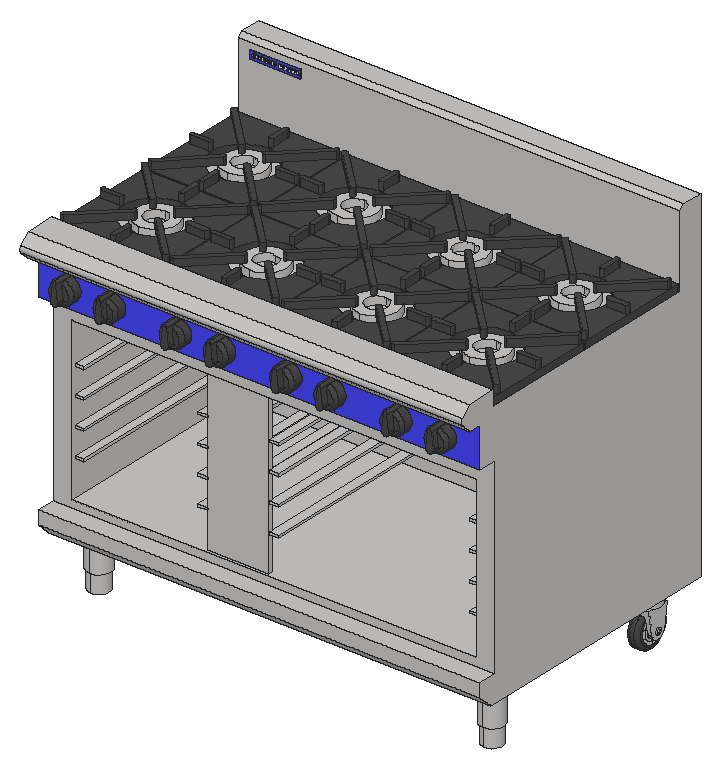
Revit family "QF_MOFFAT_BLUESEAL_CE_G518D-CB", category Specialty Equipment, Revit 2012 (continued)
Definition of nested family "WALDORF LOGO_FACE BASE"
  Forms (mm)
    Extrusion 3, solid, material "QF_Finishes_White", visible <- "Show Logo"
      sketch origin (0, -33.217, 1.588) x (1, 0, 0) y (0, 1, 0)
        loop
          line (31.62, 25.919) -> (31.62, 17.163) -> (43.046, 17.163) -> (43.046, 19.129) -> (37.388, 19.129) -> (37.388, 25.919) -> (31.62, 25.919)
        loop
          line (15.969, 25.919) -> (15.969, 17.163) -> (28.693, 17.163)
          arc (28.693, 17.163) -> (29.812, 17.627) -> (30.276, 18.746) r 1.582
          line (30.276, 18.746) -> (30.276, 20.447) -> (29.48, 21.243) -> (30.276, 22.039) -> (30.276, 24.332)
          arc (30.276, 24.332) -> (29.811, 25.454) -> (28.688, 25.919) r 1.587
          line (28.688, 25.919) -> (15.969, 25.919)
        loop
          line (21.449, 24.159) -> (21.449, 22.436) -> (23.862, 22.436)
          arc (23.862, 22.436) -> (24.723, 23.298) -> (23.862, 24.159) r 0.861
          line (23.862, 24.159) -> (21.449, 24.159)
        loop
          line (21.449, 20.244) -> (21.449, 18.522) -> (23.862, 18.522)
          arc (23.862, 18.522) -> (24.723, 19.383) -> (23.862, 20.244) r 0.861
          line (23.862, 20.244) -> (21.449, 20.244)
      from 0 to 0.2
    Extrusion 4, solid, material "QF_Finishes_Blue", visible <- "Show Logo"
      sketch origin (-126.498, -31.09, 1.588) x (1, 0, 0) y (0, 1, 0)
        loop
          line (136.738, 23.522) -> (136.738, 15.1)
          arc (136.738, 15.1) -> (140.756, 19.311) -> (136.738, 23.522) r 4.216
      from 0 to 0.2
    Extrusion 5, solid, material "QF_Finishes_Red", visible <- "Show Logo"
      sketch origin (146.849, -31.09, 1.588) x (-1, 0, 0) y (0, -1, 0)
        loop
          arc (136.738, -23.522) -> (140.756, -19.311) -> (136.738, -15.1) r 4.216
          line (136.738, -15.1) -> (136.738, -23.522)
      from 0 to 0.2
  Lines and regions (mm)
    Split face 1
      outline origin (-90.35, -30.793, 1.588) x (1, 0, 0) y (0, 1, 0)
        loop
          circle (100.54, 19.013) r 4.536
  Dimensions and locks
    aligned and locked: plane 2 to Extrusion 1
    aligned and locked: level to Extrusion 1
Definition of nested family "GAS BURNER 1200"
  Parameters (values of type "GAS BURNER 1200")
    Width [instance] = 1200.0 mm
    Weight in Pounds = 0
    URL Cutsheet = ""
    Type Mark [instance] = ""
    Status [instance] = ""
    Specification by User [instance] = ""
    Specification by Manufacturer = ""
    Serial Number = ""
    Seismic Rating = ""
    SMACNA No = ""
    Revision Code [instance] = ""
    Omniclass Number and Title = ""
    NAFEM Spec ID Number = ""
    Masterspec = ""
    Item Number [instance] = ""
    Installed By [instance] = ""
    Identify Quantity as Lot [instance] = yes
    Furnished By [instance] = ""
    Foodservice Equipment Identifier [instance] = yes
    Depth [instance] = 635.0 mm
    CSI MasterFormat = ""
    CSI Master Format = ""
  Reference planes
    plane 1 "BACK": y = 0
    plane 2: z = 0
    plane 3 "LEFT": x = 0
    plane 4 "RIGHT": x = 1200
    plane 5 "FRONT": y = -635
    plane 6 "TOP": z = 142.5
    plane 7 "Center Y": x = 600
    plane 8 "Center X": y = -317.5
  Forms (mm)
    Extrusion 1, solid, material "QF_Finishes_Black"
      sketch origin (0, 0, 0) x (0, -1, 0) y (1, 0, 0)
        loop
          line (318.5, 4) -> (318.5, 296)
          arc (318.5, 296) -> (317.621, 298.121) -> (315.5, 299) r 3
          line (315.5, 299) -> (3, 299)
          arc (3, 299) -> (0.879, 298.121) -> (0, 296) r 3
          line (0, 296) -> (0, 4)
          arc (0, 4) -> (0.879, 1.879) -> (3, 1) r 3
          line (3, 1) -> (315.5, 1)
          arc (315.5, 1) -> (317.621, 1.879) -> (318.5, 4) r 3
        loop
          line (324.5, 1) -> (632, 1)
          arc (632, 1) -> (634.121, 1.879) -> (635, 4) r 3
          line (635, 4) -> (635, 296)
          arc (635, 296) -> (634.121, 298.121) -> (632, 299) r 3
          line (632, 299) -> (324.5, 299)
          arc (324.5, 299) -> (322.379, 298.121) -> (321.5, 296) r 3
          line (321.5, 296) -> (321.5, 4)
          arc (321.5, 4) -> (322.379, 1.879) -> (324.5, 1) r 3
        loop
          circle (168.5, 149.991) r 84.082
        loop
          circle (468.5, 149.991) r 84.082
      from 0 to 19.5
    Extrusion 2, solid, material "QF_Finishes_Black"
      sketch origin (0, 0, 19.5) x (0, -1, 0) y (1, 0, 0)
        loop
          spline (326.102, 15.153) -> (325.181, 13.924) -> (324.631, 12.47) -> (324.49, 10.89) -> (324.767, 9.292) -> (325.443, 7.786) -> (326.473, 6.473) -> (327.786, 5.443) -> (329.292, 4.767) -> (330.89, 4.49) -> (332.47, 4.631) -> (333.924, 5.181) -> (335.153, 6.102)
          line (335.153, 6.102) -> (443.076, 114.025)
          spline (443.076, 114.025) -> (443.837, 115.095) -> (444.238, 116.399) -> (444.251, 117.851) -> (443.875, 119.35) -> (443.137, 120.795) -> (442.086, 122.086) -> (440.795, 123.137) -> (439.35, 123.875) -> (437.851, 124.251) -> (436.399, 124.238) -> (435.095, 123.837) -> (434.025, 123.076)
          line (434.025, 123.076) -> (326.102, 15.153)
        loop
          spline (328.898, 156.4) -> (327.604, 156.182) -> (326.398, 155.543) -> (325.362, 154.525) -> (324.568, 153.2) -> (324.068, 151.656) -> (323.898, 150) -> (324.068, 148.344) -> (324.568, 146.8) -> (325.362, 145.475) -> (326.398, 144.457) -> (327.604, 143.818) -> (328.898, 143.6)
          line (328.898, 143.6) -> (378.102, 143.6)
          spline (378.102, 143.6) -> (379.396, 143.818) -> (380.602, 144.457) -> (381.638, 145.475) -> (382.432, 146.8) -> (382.932, 148.344) -> (383.102, 150) -> (382.932, 151.656) -> (382.432, 153.2) -> (381.638, 154.525) -> (380.602, 155.543) -> (379.396, 156.182) -> (378.102, 156.4)
          line (378.102, 156.4) -> (328.898, 156.4)
        loop
          spline (335.153, 293.898) -> (334.084, 294.659) -> (332.779, 295.059) -> (331.328, 295.072) -> (329.829, 294.697) -> (328.384, 293.959) -> (327.092, 292.908) -> (326.041, 291.616) -> (325.303, 290.171) -> (324.928, 288.672) -> (324.941, 287.221) -> (325.341, 285.916) -> (326.102, 284.847)
          line (326.102, 284.847) -> (434.025, 176.924)
          spline (434.025, 176.924) -> (435.095, 176.163) -> (436.399, 175.762) -> (437.851, 175.749) -> (439.35, 176.125) -> (440.795, 176.863) -> (442.086, 177.914) -> (443.137, 179.205) -> (443.875, 180.65) -> (444.251, 182.149) -> (444.238, 183.601) -> (443.837, 184.905) -> (443.076, 185.975)
          line (443.076, 185.975) -> (335.153, 293.898)
        loop
          line (463.6, 291.102) -> (463.6, 241.898)
          spline (463.6, 241.898) -> (463.818, 240.604) -> (464.457, 239.398) -> (465.475, 238.362) -> (466.8, 237.568) -> (468.344, 237.068) -> (470, 236.898) -> (471.656, 237.068) -> (473.2, 237.568) -> (474.525, 238.362) -> (475.543, 239.398) -> (476.182, 240.604) -> (476.4, 241.898)
          line (476.4, 241.898) -> (476.4, 291.102)
          spline (476.4, 291.102) -> (476.182, 292.396) -> (475.543, 293.602) -> (474.525, 294.638) -> (473.2, 295.432) -> (471.656, 295.932) -> (470, 296.102) -> (468.344, 295.932) -> (466.8, 295.432) -> (465.475, 294.638) -> (464.457, 293.602) -> (463.818, 292.396) -> (463.6, 291.102)
        loop
          spline (612.398, 284.847) -> (613.159, 285.916) -> (613.559, 287.221) -> (613.572, 288.672) -> (613.197, 290.171) -> (612.459, 291.616) -> (611.408, 292.908) -> (610.116, 293.959) -> (608.671, 294.697) -> (607.172, 295.072) -> (605.721, 295.059) -> (604.416, 294.659) -> (603.347, 293.898)
          line (603.347, 293.898) -> (496.924, 185.975)
          spline (496.924, 185.975) -> (496.163, 184.905) -> (495.762, 183.601) -> (495.749, 182.149) -> (496.125, 180.65) -> (496.863, 179.205) -> (497.914, 177.914) -> (499.205, 176.863) -> (500.65, 176.125) -> (502.149, 175.749) -> (503.601, 175.762) -> (504.905, 176.163) -> (505.975, 176.924)
          line (505.975, 176.924) -> (612.398, 284.847)
        loop
          spline (609.602, 143.6) -> (610.896, 143.818) -> (612.102, 144.457) -> (613.138, 145.475) -> (613.932, 146.8) -> (614.432, 148.344) -> (614.602, 150) -> (614.432, 151.656) -> (613.932, 153.2) -> (613.138, 154.525) -> (612.102, 155.543) -> (610.896, 156.182) -> (609.602, 156.4)
          line (609.602, 156.4) -> (561.898, 156.4)
          spline (561.898, 156.4) -> (560.604, 156.182) -> (559.398, 155.543) -> (558.362, 154.525) -> (557.568, 153.2) -> (557.068, 151.656) -> (556.898, 150) -> (557.068, 148.344) -> (557.568, 146.8) -> (558.362, 145.475) -> (559.398, 144.457) -> (560.604, 143.818) -> (561.898, 143.6)
          line (561.898, 143.6) -> (609.602, 143.6)
        loop
          line (612.398, 15.153) -> (505.975, 123.076)
          spline (505.975, 123.076) -> (504.905, 123.837) -> (503.601, 124.238) -> (502.149, 124.251) -> (500.65, 123.875) -> (499.205, 123.137) -> (497.914, 122.086) -> (496.863, 120.795) -> (496.125, 119.35) -> (495.749, 117.851) -> (495.762, 116.399) -> (496.163, 115.095) -> (496.924, 114.025)
          line (496.924, 114.025) -> (603.347, 6.102)
          spline (603.347, 6.102) -> (604.416, 5.341) -> (605.721, 4.941) -> (607.172, 4.928) -> (608.671, 5.303) -> (610.116, 6.041) -> (611.408, 7.092) -> (612.459, 8.384) -> (613.197, 9.829) -> (613.572, 11.328) -> (613.559, 12.779) -> (613.159, 14.084) -> (612.398, 15.153)
        loop
          line (476.4, 8.898) -> (476.4, 58.102)
          spline (476.4, 58.102) -> (476.182, 59.396) -> (475.543, 60.602) -> (474.525, 61.638) -> (473.2, 62.432) -> (471.656, 62.932) -> (470, 63.102) -> (468.344, 62.932) -> (466.8, 62.432) -> (465.475, 61.638) -> (464.457, 60.602) -> (463.818, 59.396) -> (463.6, 58.102)
          line (463.6, 58.102) -> (463.6, 8.898)
          spline (463.6, 8.898) -> (463.818, 7.604) -> (464.457, 6.398) -> (465.475, 5.362) -> (466.8, 4.568) -> (468.344, 4.068) -> (470, 3.898) -> (471.656, 4.068) -> (473.2, 4.568) -> (474.525, 5.362) -> (475.543, 6.398) -> (476.182, 7.604) -> (476.4, 8.898)
        loop
          spline (22.602, 15.153) -> (21.681, 13.924) -> (21.131, 12.47) -> (20.99, 10.89) -> (21.267, 9.292) -> (21.943, 7.786) -> (22.973, 6.473) -> (24.286, 5.443) -> (25.792, 4.767) -> (27.39, 4.49) -> (28.97, 4.631) -> (30.424, 5.181) -> (31.653, 6.102)
          line (31.653, 6.102) -> (139.576, 114.025)
          spline (139.576, 114.025) -> (140.337, 115.095) -> (140.738, 116.399) -> (140.751, 117.851) -> (140.375, 119.35) -> (139.637, 120.795) -> (138.586, 122.086) -> (137.295, 123.137) -> (135.85, 123.875) -> (134.351, 124.251) -> (132.899, 124.238) -> (131.595, 123.837) -> (130.525, 123.076)
          line (130.525, 123.076) -> (22.602, 15.153)
        loop
          spline (25.398, 156.4) -> (24.104, 156.182) -> (22.898, 155.543) -> (21.862, 154.525) -> (21.068, 153.2) -> (20.568, 151.656) -> (20.398, 150) -> (20.568, 148.344) -> (21.068, 146.8) -> (21.862, 145.475) -> (22.898, 144.457) -> (24.104, 143.818) -> (25.398, 143.6)
          line (25.398, 143.6) -> (74.602, 143.6)
          spline (74.602, 143.6) -> (75.896, 143.818) -> (77.102, 144.457) -> (78.138, 145.475) -> (78.932, 146.8) -> (79.432, 148.344) -> (79.602, 150) -> (79.432, 151.656) -> (78.932, 153.2) -> (78.138, 154.525) -> (77.102, 155.543) -> (75.896, 156.182) -> (74.602, 156.4)
          line (74.602, 156.4) -> (25.398, 156.4)
        loop
          spline (31.653, 293.898) -> (30.584, 294.659) -> (29.279, 295.059) -> (27.828, 295.072) -> (26.329, 294.697) -> (24.884, 293.959) -> (23.592, 292.908) -> (22.541, 291.616) -> (21.803, 290.171) -> (21.428, 288.672) -> (21.441, 287.221) -> (21.841, 285.916) -> (22.602, 284.847)
          line (22.602, 284.847) -> (130.525, 176.924)
          spline (130.525, 176.924) -> (131.595, 176.163) -> (132.899, 175.762) -> (134.351, 175.749) -> (135.85, 176.125) -> (137.295, 176.863) -> (138.586, 177.914) -> (139.637, 179.205) -> (140.375, 180.65) -> (140.751, 182.149) -> (140.738, 183.601) -> (140.337, 184.905) -> (139.576, 185.975)
          line (139.576, 185.975) -> (31.653, 293.898)
        loop
          line (160.1, 291.102) -> (160.1, 241.898)
          spline (160.1, 241.898) -> (160.318, 240.604) -> (160.957, 239.398) -> (161.975, 238.362) -> (163.3, 237.568) -> (164.844, 237.068) -> (166.5, 236.898) -> (168.156, 237.068) -> (169.7, 237.568) -> (171.025, 238.362) -> (172.043, 239.398) -> (172.682, 240.604) -> (172.9, 241.898)
          line (172.9, 241.898) -> (172.9, 291.102)
          spline (172.9, 291.102) -> (172.682, 292.396) -> (172.043, 293.602) -> (171.025, 294.638) -> (169.7, 295.432) -> (168.156, 295.932) -> (166.5, 296.102) -> (164.844, 295.932) -> (163.3, 295.432) -> (161.975, 294.638) -> (160.957, 293.602) -> (160.318, 292.396) -> (160.1, 291.102)
        loop
          spline (313.898, 284.847) -> (314.659, 285.916) -> (315.059, 287.221) -> (315.072, 288.672) -> (314.697, 290.171) -> (313.959, 291.616) -> (312.908, 292.908) -> (311.616, 293.959) -> (310.171, 294.697) -> (308.672, 295.072) -> (307.221, 295.059) -> (305.916, 294.659) -> (304.847, 293.898)
          line (304.847, 293.898) -> (193.424, 185.975)
          spline (193.424, 185.975) -> (192.663, 184.905) -> (192.262, 183.601) -> (192.249, 182.149) -> (192.625, 180.65) -> (193.363, 179.205) -> (194.414, 177.914) -> (195.705, 176.863) -> (197.15, 176.125) -> (198.649, 175.749) -> (200.101, 175.762) -> (201.405, 176.163) -> (202.475, 176.924)
          line (202.475, 176.924) -> (313.898, 284.847)
        loop
          spline (311.102, 143.6) -> (312.396, 143.818) -> (313.602, 144.457) -> (314.638, 145.475) -> (315.432, 146.8) -> (315.932, 148.344) -> (316.102, 150) -> (315.932, 151.656) -> (315.432, 153.2) -> (314.638, 154.525) -> (313.602, 155.543) -> (312.396, 156.182) -> (311.102, 156.4)
          line (311.102, 156.4) -> (261.898, 156.4)
          spline (261.898, 156.4) -> (260.604, 156.182) -> (259.398, 155.543) -> (258.362, 154.525) -> (257.568, 153.2) -> (257.068, 151.656) -> (256.898, 150) -> (257.068, 148.344) -> (257.568, 146.8) -> (258.362, 145.475) -> (259.398, 144.457) -> (260.604, 143.818) -> (261.898, 143.6)
          line (261.898, 143.6) -> (311.102, 143.6)
        loop
          line (313.898, 15.153) -> (202.475, 123.076)
          spline (202.475, 123.076) -> (201.405, 123.837) -> (200.101, 124.238) -> (198.649, 124.251) -> (197.15, 123.875) -> (195.705, 123.137) -> (194.414, 122.086) -> (193.363, 120.795) -> (192.625, 119.35) -> (192.249, 117.851) -> (192.262, 116.399) -> (192.663, 115.095) -> (193.424, 114.025)
          line (193.424, 114.025) -> (304.847, 6.102)
          spline (304.847, 6.102) -> (305.916, 5.341) -> (307.221, 4.941) -> (308.672, 4.928) -> (310.171, 5.303) -> (311.616, 6.041) -> (312.908, 7.092) -> (313.959, 8.384) -> (314.697, 9.829) -> (315.072, 11.328) -> (315.059, 12.779) -> (314.659, 14.084) -> (313.898, 15.153)
        loop
          line (172.9, 8.898) -> (172.9, 58.102)
          spline (172.9, 58.102) -> (172.682, 59.396) -> (172.043, 60.602) -> (171.025, 61.638) -> (169.7, 62.432) -> (168.156, 62.932) -> (166.5, 63.102) -> (164.844, 62.932) -> (163.3, 62.432) -> (161.975, 61.638) -> (160.957, 60.602) -> (160.318, 59.396) -> (160.1, 58.102)
          line (160.1, 58.102) -> (160.1, 8.898)
          spline (160.1, 8.898) -> (160.318, 7.604) -> (160.957, 6.398) -> (161.975, 5.362) -> (163.3, 4.568) -> (164.844, 4.068) -> (166.5, 3.898) -> (168.156, 4.068) -> (169.7, 4.568) -> (171.025, 5.362) -> (172.043, 6.398) -> (172.682, 7.604) -> (172.9, 8.898)
      from 0 to 20.5
    Extrusion 3, solid, material "QF_Finishes_Stainless Steel"
      sketch origin (0, -15.098, 0) x (0, -1, 0) y (1, 0, 0)
        loop
          circle (151.402, 150) r 57
        loop
          circle (451.402, 150) r 57
        loop
          circle (151.402, 150) r 30
        loop
          circle (451.402, 150) r 30
      from 0 to 20
    Extrusion 4, solid, material "QF_Finishes_Black"
      sketch origin (600, 0, 0) x (0, -1, 0) y (1, 0, 0)
        loop
          arc (318.5, -4) -> (317.621, -1.879) -> (315.5, -1) r 3
          line (315.5, -1) -> (3, -1)
          arc (3, -1) -> (0.879, -1.879) -> (0, -4) r 3
          line (0, -4) -> (0, -296)
          arc (0, -296) -> (0.879, -298.121) -> (3, -299) r 3
          line (3, -299) -> (315.5, -299)
          arc (315.5, -299) -> (317.621, -298.121) -> (318.5, -296) r 3
          line (318.5, -296) -> (318.5, -4)
        loop
          arc (324.5, -1) -> (322.379, -1.879) -> (321.5, -4) r 3
          line (321.5, -4) -> (321.5, -296)
          arc (321.5, -296) -> (322.379, -298.121) -> (324.5, -299) r 3
          line (324.5, -299) -> (632, -299)
          arc (632, -299) -> (634.121, -298.121) -> (635, -296) r 3
          line (635, -296) -> (635, -4)
          arc (635, -4) -> (634.121, -1.879) -> (632, -1) r 3
          line (632, -1) -> (324.5, -1)
        loop
          circle (168.5, -149.991) r 84.082
        loop
          circle (468.5, -149.991) r 84.082
      from 0 to 19.5
    Extrusion 5, solid, material "QF_Finishes_Black"
      sketch origin (600, 0, 19.5) x (0, -1, 0) y (1, 0, 0)
        loop
          line (326.102, -15.153) -> (434.025, -123.076)
          spline (434.025, -123.076) -> (435.095, -123.837) -> (436.399, -124.238) -> (437.851, -124.251) -> (439.35, -123.875) -> (440.795, -123.137) -> (442.086, -122.086) -> (443.137, -120.795) -> (443.875, -119.35) -> (444.251, -117.851) -> (444.238, -116.399) -> (443.837, -115.095) -> (443.076, -114.025)
          line (443.076, -114.025) -> (335.153, -6.102)
          spline (335.153, -6.102) -> (333.924, -5.181) -> (332.47, -4.631) -> (330.89, -4.49) -> (329.292, -4.767) -> (327.786, -5.443) -> (326.473, -6.473) -> (325.443, -7.786) -> (324.767, -9.292) -> (324.49, -10.89) -> (324.631, -12.47) -> (325.181, -13.924) -> (326.102, -15.153)
        loop
          line (328.898, -156.4) -> (378.102, -156.4)
          spline (378.102, -156.4) -> (379.396, -156.182) -> (380.602, -155.543) -> (381.638, -154.525) -> (382.432, -153.2) -> (382.932, -151.656) -> (383.102, -150) -> (382.932, -148.344) -> (382.432, -146.8) -> (381.638, -145.475) -> (380.602, -144.457) -> (379.396, -143.818) -> (378.102, -143.6)
          line (378.102, -143.6) -> (328.898, -143.6)
          spline (328.898, -143.6) -> (327.604, -143.818) -> (326.398, -144.457) -> (325.362, -145.475) -> (324.568, -146.8) -> (324.068, -148.344) -> (323.898, -150) -> (324.068, -151.656) -> (324.568, -153.2) -> (325.362, -154.525) -> (326.398, -155.543) -> (327.604, -156.182) -> (328.898, -156.4)
        loop
          line (335.153, -293.898) -> (443.076, -185.975)
          spline (443.076, -185.975) -> (443.837, -184.905) -> (444.238, -183.601) -> (444.251, -182.149) -> (443.875, -180.65) -> (443.137, -179.205) -> (442.086, -177.914) -> (440.795, -176.863) -> (439.35, -176.125) -> (437.851, -175.749) -> (436.399, -175.762) -> (435.095, -176.163) -> (434.025, -176.924)
          line (434.025, -176.924) -> (326.102, -284.847)
          spline (326.102, -284.847) -> (325.341, -285.916) -> (324.941, -287.221) -> (324.928, -288.672) -> (325.303, -290.171) -> (326.041, -291.616) -> (327.092, -292.908) -> (328.384, -293.959) -> (329.829, -294.697) -> (331.328, -295.072) -> (332.779, -295.059) -> (334.084, -294.659) -> (335.153, -293.898)
        loop
          spline (463.6, -291.102) -> (463.818, -292.396) -> (464.457, -293.602) -> (465.475, -294.638) -> (466.8, -295.432) -> (468.344, -295.932) -> (470, -296.102) -> (471.656, -295.932) -> (473.2, -295.432) -> (474.525, -294.638) -> (475.543, -293.602) -> (476.182, -292.396) -> (476.4, -291.102)
          line (476.4, -291.102) -> (476.4, -241.898)
          spline (476.4, -241.898) -> (476.182, -240.604) -> (475.543, -239.398) -> (474.525, -238.362) -> (473.2, -237.568) -> (471.656, -237.068) -> (470, -236.898) -> (468.344, -237.068) -> (466.8, -237.568) -> (465.475, -238.362) -> (464.457, -239.398) -> (463.818, -240.604) -> (463.6, -241.898)
          line (463.6, -241.898) -> (463.6, -291.102)
        loop
          line (612.398, -284.847) -> (505.975, -176.924)
          spline (505.975, -176.924) -> (504.905, -176.163) -> (503.601, -175.762) -> (502.149, -175.749) -> (500.65, -176.125) -> (499.205, -176.863) -> (497.914, -177.914) -> (496.863, -179.205) -> (496.125, -180.65) -> (495.749, -182.149) -> (495.762, -183.601) -> (496.163, -184.905) -> (496.924, -185.975)
          line (496.924, -185.975) -> (603.347, -293.898)
          spline (603.347, -293.898) -> (604.416, -294.659) -> (605.721, -295.059) -> (607.172, -295.072) -> (608.671, -294.697) -> (610.116, -293.959) -> (611.408, -292.908) -> (612.459, -291.616) -> (613.197, -290.171) -> (613.572, -288.672) -> (613.559, -287.221) -> (613.159, -285.916) -> (612.398, -284.847)
        loop
          line (609.602, -143.6) -> (561.898, -143.6)
          spline (561.898, -143.6) -> (560.604, -143.818) -> (559.398, -144.457) -> (558.362, -145.475) -> (557.568, -146.8) -> (557.068, -148.344) -> (556.898, -150) -> (557.068, -151.656) -> (557.568, -153.2) -> (558.362, -154.525) -> (559.398, -155.543) -> (560.604, -156.182) -> (561.898, -156.4)
          line (561.898, -156.4) -> (609.602, -156.4)
          spline (609.602, -156.4) -> (610.896, -156.182) -> (612.102, -155.543) -> (613.138, -154.525) -> (613.932, -153.2) -> (614.432, -151.656) -> (614.602, -150) -> (614.432, -148.344) -> (613.932, -146.8) -> (613.138, -145.475) -> (612.102, -144.457) -> (610.896, -143.818) -> (609.602, -143.6)
        loop
          spline (612.398, -15.153) -> (613.159, -14.084) -> (613.559, -12.779) -> (613.572, -11.328) -> (613.197, -9.829) -> (612.459, -8.384) -> (611.408, -7.092) -> (610.116, -6.041) -> (608.671, -5.303) -> (607.172, -4.928) -> (605.721, -4.941) -> (604.416, -5.341) -> (603.347, -6.102)
          line (603.347, -6.102) -> (496.924, -114.025)
          spline (496.924, -114.025) -> (496.163, -115.095) -> (495.762, -116.399) -> (495.749, -117.851) -> (496.125, -119.35) -> (496.863, -120.795) -> (497.914, -122.086) -> (499.205, -123.137) -> (500.65, -123.875) -> (502.149, -124.251) -> (503.601, -124.238) -> (504.905, -123.837) -> (505.975, -123.076)
          line (505.975, -123.076) -> (612.398, -15.153)
        loop
          spline (476.4, -8.898) -> (476.182, -7.604) -> (475.543, -6.398) -> (474.525, -5.362) -> (473.2, -4.568) -> (471.656, -4.068) -> (470, -3.898) -> (468.344, -4.068) -> (466.8, -4.568) -> (465.475, -5.362) -> (464.457, -6.398) -> (463.818, -7.604) -> (463.6, -8.898)
          line (463.6, -8.898) -> (463.6, -58.102)
          spline (463.6, -58.102) -> (463.818, -59.396) -> (464.457, -60.602) -> (465.475, -61.638) -> (466.8, -62.432) -> (468.344, -62.932) -> (470, -63.102) -> (471.656, -62.932) -> (473.2, -62.432) -> (474.525, -61.638) -> (475.543, -60.602) -> (476.182, -59.396) -> (476.4, -58.102)
          line (476.4, -58.102) -> (476.4, -8.898)
        loop
          line (22.602, -15.153) -> (130.525, -123.076)
          spline (130.525, -123.076) -> (131.595, -123.837) -> (132.899, -124.238) -> (134.351, -124.251) -> (135.85, -123.875) -> (137.295, -123.137) -> (138.586, -122.086) -> (139.637, -120.795) -> (140.375, -119.35) -> (140.751, -117.851) -> (140.738, -116.399) -> (140.337, -115.095) -> (139.576, -114.025)
          line (139.576, -114.025) -> (31.653, -6.102)
          spline (31.653, -6.102) -> (30.424, -5.181) -> (28.97, -4.631) -> (27.39, -4.49) -> (25.792, -4.767) -> (24.286, -5.443) -> (22.973, -6.473) -> (21.943, -7.786) -> (21.267, -9.292) -> (20.99, -10.89) -> (21.131, -12.47) -> (21.681, -13.924) -> (22.602, -15.153)
        loop
          line (25.398, -156.4) -> (74.602, -156.4)
          spline (74.602, -156.4) -> (75.896, -156.182) -> (77.102, -155.543) -> (78.138, -154.525) -> (78.932, -153.2) -> (79.432, -151.656) -> (79.602, -150) -> (79.432, -148.344) -> (78.932, -146.8) -> (78.138, -145.475) -> (77.102, -144.457) -> (75.896, -143.818) -> (74.602, -143.6)
          line (74.602, -143.6) -> (25.398, -143.6)
          spline (25.398, -143.6) -> (24.104, -143.818) -> (22.898, -144.457) -> (21.862, -145.475) -> (21.068, -146.8) -> (20.568, -148.344) -> (20.398, -150) -> (20.568, -151.656) -> (21.068, -153.2) -> (21.862, -154.525) -> (22.898, -155.543) -> (24.104, -156.182) -> (25.398, -156.4)
        loop
          line (31.653, -293.898) -> (139.576, -185.975)
          spline (139.576, -185.975) -> (140.337, -184.905) -> (140.738, -183.601) -> (140.751, -182.149) -> (140.375, -180.65) -> (139.637, -179.205) -> (138.586, -177.914) -> (137.295, -176.863) -> (135.85, -176.125) -> (134.351, -175.749) -> (132.899, -175.762) -> (131.595, -176.163) -> (130.525, -176.924)
          line (130.525, -176.924) -> (22.602, -284.847)
          spline (22.602, -284.847) -> (21.841, -285.916) -> (21.441, -287.221) -> (21.428, -288.672) -> (21.803, -290.171) -> (22.541, -291.616) -> (23.592, -292.908) -> (24.884, -293.959) -> (26.329, -294.697) -> (27.828, -295.072) -> (29.279, -295.059) -> (30.584, -294.659) -> (31.653, -293.898)
        loop
          spline (160.1, -291.102) -> (160.318, -292.396) -> (160.957, -293.602) -> (161.975, -294.638) -> (163.3, -295.432) -> (164.844, -295.932) -> (166.5, -296.102) -> (168.156, -295.932) -> (169.7, -295.432) -> (171.025, -294.638) -> (172.043, -293.602) -> (172.682, -292.396) -> (172.9, -291.102)
          line (172.9, -291.102) -> (172.9, -241.898)
          spline (172.9, -241.898) -> (172.682, -240.604) -> (172.043, -239.398) -> (171.025, -238.362) -> (169.7, -237.568) -> (168.156, -237.068) -> (166.5, -236.898) -> (164.844, -237.068) -> (163.3, -237.568) -> (161.975, -238.362) -> (160.957, -239.398) -> (160.318, -240.604) -> (160.1, -241.898)
          line (160.1, -241.898) -> (160.1, -291.102)
        loop
          line (313.898, -284.847) -> (202.475, -176.924)
          spline (202.475, -176.924) -> (201.405, -176.163) -> (200.101, -175.762) -> (198.649, -175.749) -> (197.15, -176.125) -> (195.705, -176.863) -> (194.414, -177.914) -> (193.363, -179.205) -> (192.625, -180.65) -> (192.249, -182.149) -> (192.262, -183.601) -> (192.663, -184.905) -> (193.424, -185.975)
          line (193.424, -185.975) -> (304.847, -293.898)
          spline (304.847, -293.898) -> (305.916, -294.659) -> (307.221, -295.059) -> (308.672, -295.072) -> (310.171, -294.697) -> (311.616, -293.959) -> (312.908, -292.908) -> (313.959, -291.616) -> (314.697, -290.171) -> (315.072, -288.672) -> (315.059, -287.221) -> (314.659, -285.916) -> (313.898, -284.847)
        loop
          line (311.102, -143.6) -> (261.898, -143.6)
          spline (261.898, -143.6) -> (260.604, -143.818) -> (259.398, -144.457) -> (258.362, -145.475) -> (257.568, -146.8) -> (257.068, -148.344) -> (256.898, -150) -> (257.068, -151.656) -> (257.568, -153.2) -> (258.362, -154.525) -> (259.398, -155.543) -> (260.604, -156.182) -> (261.898, -156.4)
          line (261.898, -156.4) -> (311.102, -156.4)
          spline (311.102, -156.4) -> (312.396, -156.182) -> (313.602, -155.543) -> (314.638, -154.525) -> (315.432, -153.2) -> (315.932, -151.656) -> (316.102, -150) -> (315.932, -148.344) -> (315.432, -146.8) -> (314.638, -145.475) -> (313.602, -144.457) -> (312.396, -143.818) -> (311.102, -143.6)
        loop
          spline (313.898, -15.153) -> (314.659, -14.084) -> (315.059, -12.779) -> (315.072, -11.328) -> (314.697, -9.829) -> (313.959, -8.384) -> (312.908, -7.092) -> (311.616, -6.041) -> (310.171, -5.303) -> (308.672, -4.928) -> (307.221, -4.941) -> (305.916, -5.341) -> (304.847, -6.102)
          line (304.847, -6.102) -> (193.424, -114.025)
          spline (193.424, -114.025) -> (192.663, -115.095) -> (192.262, -116.399) -> (192.249, -117.851) -> (192.625, -119.35) -> (193.363, -120.795) -> (194.414, -122.086) -> (195.705, -123.137) -> (197.15, -123.875) -> (198.649, -124.251) -> (200.101, -124.238) -> (201.405, -123.837) -> (202.475, -123.076)
          line (202.475, -123.076) -> (313.898, -15.153)
        loop
          spline (172.9, -8.898) -> (172.682, -7.604) -> (172.043, -6.398) -> (171.025, -5.362) -> (169.7, -4.568) -> (168.156, -4.068) -> (166.5, -3.898) -> (164.844, -4.068) -> (163.3, -4.568) -> (161.975, -5.362) -> (160.957, -6.398) -> (160.318, -7.604) -> (160.1, -8.898)
          line (160.1, -8.898) -> (160.1, -58.102)
          spline (160.1, -58.102) -> (160.318, -59.396) -> (160.957, -60.602) -> (161.975, -61.638) -> (163.3, -62.432) -> (164.844, -62.932) -> (166.5, -63.102) -> (168.156, -62.932) -> (169.7, -62.432) -> (171.025, -61.638) -> (172.043, -60.602) -> (172.682, -59.396) -> (172.9, -58.102)
          line (172.9, -58.102) -> (172.9, -8.898)
      from 0 to 20.5
    Extrusion 6, solid, material "QF_Finishes_Stainless Steel"
      sketch origin (600, -15.098, 0) x (0, -1, 0) y (1, 0, 0)
        loop
          circle (151.402, -150) r 57
        loop
          circle (451.402, -150) r 57
        loop
          circle (151.402, -150) r 30
        loop
          circle (451.402, -150) r 30
      from 0 to 20
    Extrusion 7, solid, material "QF_Finishes_Black"
      sketch origin (901, 0, 19.5) x (0, -1, 0) y (1, 0, 0)
        loop
          line (326.102, -15.153) -> (434.025, -123.076)
          spline (434.025, -123.076) -> (435.095, -123.837) -> (436.399, -124.238) -> (437.851, -124.251) -> (439.35, -123.875) -> (440.795, -123.137) -> (442.086, -122.086) -> (443.137, -120.795) -> (443.875, -119.35) -> (444.251, -117.851) -> (444.238, -116.399) -> (443.837, -115.095) -> (443.076, -114.025)
          line (443.076, -114.025) -> (335.153, -6.102)
          spline (335.153, -6.102) -> (333.924, -5.181) -> (332.47, -4.631) -> (330.89, -4.49) -> (329.292, -4.767) -> (327.786, -5.443) -> (326.473, -6.473) -> (325.443, -7.786) -> (324.767, -9.292) -> (324.49, -10.89) -> (324.631, -12.47) -> (325.181, -13.924) -> (326.102, -15.153)
        loop
          line (328.898, -156.4) -> (378.102, -156.4)
          spline (378.102, -156.4) -> (379.396, -156.182) -> (380.602, -155.543) -> (381.638, -154.525) -> (382.432, -153.2) -> (382.932, -151.656) -> (383.102, -150) -> (382.932, -148.344) -> (382.432, -146.8) -> (381.638, -145.475) -> (380.602, -144.457) -> (379.396, -143.818) -> (378.102, -143.6)
          line (378.102, -143.6) -> (328.898, -143.6)
          spline (328.898, -143.6) -> (327.604, -143.818) -> (326.398, -144.457) -> (325.362, -145.475) -> (324.568, -146.8) -> (324.068, -148.344) -> (323.898, -150) -> (324.068, -151.656) -> (324.568, -153.2) -> (325.362, -154.525) -> (326.398, -155.543) -> (327.604, -156.182) -> (328.898, -156.4)
        loop
          line (335.153, -293.898) -> (443.076, -185.975)
          spline (443.076, -185.975) -> (443.837, -184.905) -> (444.238, -183.601) -> (444.251, -182.149) -> (443.875, -180.65) -> (443.137, -179.205) -> (442.086, -177.914) -> (440.795, -176.863) -> (439.35, -176.125) -> (437.851, -175.749) -> (436.399, -175.762) -> (435.095, -176.163) -> (434.025, -176.924)
          line (434.025, -176.924) -> (326.102, -284.847)
          spline (326.102, -284.847) -> (325.341, -285.916) -> (324.941, -287.221) -> (324.928, -288.672) -> (325.303, -290.171) -> (326.041, -291.616) -> (327.092, -292.908) -> (328.384, -293.959) -> (329.829, -294.697) -> (331.328, -295.072) -> (332.779, -295.059) -> (334.084, -294.659) -> (335.153, -293.898)
        loop
          spline (463.6, -291.102) -> (463.818, -292.396) -> (464.457, -293.602) -> (465.475, -294.638) -> (466.8, -295.432) -> (468.344, -295.932) -> (470, -296.102) -> (471.656, -295.932) -> (473.2, -295.432) -> (474.525, -294.638) -> (475.543, -293.602) -> (476.182, -292.396) -> (476.4, -291.102)
          line (476.4, -291.102) -> (476.4, -241.898)
          spline (476.4, -241.898) -> (476.182, -240.604) -> (475.543, -239.398) -> (474.525, -238.362) -> (473.2, -237.568) -> (471.656, -237.068) -> (470, -236.898) -> (468.344, -237.068) -> (466.8, -237.568) -> (465.475, -238.362) -> (464.457, -239.398) -> (463.818, -240.604) -> (463.6, -241.898)
          line (463.6, -241.898) -> (463.6, -291.102)
        loop
          line (612.398, -284.847) -> (505.975, -176.924)
          spline (505.975, -176.924) -> (504.905, -176.163) -> (503.601, -175.762) -> (502.149, -175.749) -> (500.65, -176.125) -> (499.205, -176.863) -> (497.914, -177.914) -> (496.863, -179.205) -> (496.125, -180.65) -> (495.749, -182.149) -> (495.762, -183.601) -> (496.163, -184.905) -> (496.924, -185.975)
          line (496.924, -185.975) -> (603.347, -293.898)
          spline (603.347, -293.898) -> (604.416, -294.659) -> (605.721, -295.059) -> (607.172, -295.072) -> (608.671, -294.697) -> (610.116, -293.959) -> (611.408, -292.908) -> (612.459, -291.616) -> (613.197, -290.171) -> (613.572, -288.672) -> (613.559, -287.221) -> (613.159, -285.916) -> (612.398, -284.847)
        loop
          line (609.602, -143.6) -> (561.898, -143.6)
          spline (561.898, -143.6) -> (560.604, -143.818) -> (559.398, -144.457) -> (558.362, -145.475) -> (557.568, -146.8) -> (557.068, -148.344) -> (556.898, -150) -> (557.068, -151.656) -> (557.568, -153.2) -> (558.362, -154.525) -> (559.398, -155.543) -> (560.604, -156.182) -> (561.898, -156.4)
          line (561.898, -156.4) -> (609.602, -156.4)
          spline (609.602, -156.4) -> (610.896, -156.182) -> (612.102, -155.543) -> (613.138, -154.525) -> (613.932, -153.2) -> (614.432, -151.656) -> (614.602, -150) -> (614.432, -148.344) -> (613.932, -146.8) -> (613.138, -145.475) -> (612.102, -144.457) -> (610.896, -143.818) -> (609.602, -143.6)
        loop
          spline (612.398, -15.153) -> (613.159, -14.084) -> (613.559, -12.779) -> (613.572, -11.328) -> (613.197, -9.829) -> (612.459, -8.384) -> (611.408, -7.092) -> (610.116, -6.041) -> (608.671, -5.303) -> (607.172, -4.928) -> (605.721, -4.941) -> (604.416, -5.341) -> (603.347, -6.102)
          line (603.347, -6.102) -> (496.924, -114.025)
          spline (496.924, -114.025) -> (496.163, -115.095) -> (495.762, -116.399) -> (495.749, -117.851) -> (496.125, -119.35) -> (496.863, -120.795) -> (497.914, -122.086) -> (499.205, -123.137) -> (500.65, -123.875) -> (502.149, -124.251) -> (503.601, -124.238) -> (504.905, -123.837) -> (505.975, -123.076)
          line (505.975, -123.076) -> (612.398, -15.153)
        loop
          spline (476.4, -8.898) -> (476.182, -7.604) -> (475.543, -6.398) -> (474.525, -5.362) -> (473.2, -4.568) -> (471.656, -4.068) -> (470, -3.898) -> (468.344, -4.068) -> (466.8, -4.568) -> (465.475, -5.362) -> (464.457, -6.398) -> (463.818, -7.604) -> (463.6, -8.898)
          line (463.6, -8.898) -> (463.6, -58.102)
          spline (463.6, -58.102) -> (463.818, -59.396) -> (464.457, -60.602) -> (465.475, -61.638) -> (466.8, -62.432) -> (468.344, -62.932) -> (470, -63.102) -> (471.656, -62.932) -> (473.2, -62.432) -> (474.525, -61.638) -> (475.543, -60.602) -> (476.182, -59.396) -> (476.4, -58.102)
          line (476.4, -58.102) -> (476.4, -8.898)
        loop
          line (22.602, -15.153) -> (130.525, -123.076)
          spline (130.525, -123.076) -> (131.595, -123.837) -> (132.899, -124.238) -> (134.351, -124.251) -> (135.85, -123.875) -> (137.295, -123.137) -> (138.586, -122.086) -> (139.637, -120.795) -> (140.375, -119.35) -> (140.751, -117.851) -> (140.738, -116.399) -> (140.337, -115.095) -> (139.576, -114.025)
          line (139.576, -114.025) -> (31.653, -6.102)
          spline (31.653, -6.102) -> (30.424, -5.181) -> (28.97, -4.631) -> (27.39, -4.49) -> (25.792, -4.767) -> (24.286, -5.443) -> (22.973, -6.473) -> (21.943, -7.786) -> (21.267, -9.292) -> (20.99, -10.89) -> (21.131, -12.47) -> (21.681, -13.924) -> (22.602, -15.153)
        loop
          line (25.398, -156.4) -> (74.602, -156.4)
          spline (74.602, -156.4) -> (75.896, -156.182) -> (77.102, -155.543) -> (78.138, -154.525) -> (78.932, -153.2) -> (79.432, -151.656) -> (79.602, -150) -> (79.432, -148.344) -> (78.932, -146.8) -> (78.138, -145.475) -> (77.102, -144.457) -> (75.896, -143.818) -> (74.602, -143.6)
          line (74.602, -143.6) -> (25.398, -143.6)
          spline (25.398, -143.6) -> (24.104, -143.818) -> (22.898, -144.457) -> (21.862, -145.475) -> (21.068, -146.8) -> (20.568, -148.344) -> (20.398, -150) -> (20.568, -151.656) -> (21.068, -153.2) -> (21.862, -154.525) -> (22.898, -155.543) -> (24.104, -156.182) -> (25.398, -156.4)
        loop
          line (31.653, -293.898) -> (139.576, -185.975)
          spline (139.576, -185.975) -> (140.337, -184.905) -> (140.738, -183.601) -> (140.751, -182.149) -> (140.375, -180.65) -> (139.637, -179.205) -> (138.586, -177.914) -> (137.295, -176.863) -> (135.85, -176.125) -> (134.351, -175.749) -> (132.899, -175.762) -> (131.595, -176.163) -> (130.525, -176.924)
          line (130.525, -176.924) -> (22.602, -284.847)
          spline (22.602, -284.847) -> (21.841, -285.916) -> (21.441, -287.221) -> (21.428, -288.672) -> (21.803, -290.171) -> (22.541, -291.616) -> (23.592, -292.908) -> (24.884, -293.959) -> (26.329, -294.697) -> (27.828, -295.072) -> (29.279, -295.059) -> (30.584, -294.659) -> (31.653, -293.898)
        loop
          spline (160.1, -291.102) -> (160.318, -292.396) -> (160.957, -293.602) -> (161.975, -294.638) -> (163.3, -295.432) -> (164.844, -295.932) -> (166.5, -296.102) -> (168.156, -295.932) -> (169.7, -295.432) -> (171.025, -294.638) -> (172.043, -293.602) -> (172.682, -292.396) -> (172.9, -291.102)
          line (172.9, -291.102) -> (172.9, -241.898)
          spline (172.9, -241.898) -> (172.682, -240.604) -> (172.043, -239.398) -> (171.025, -238.362) -> (169.7, -237.568) -> (168.156, -237.068) -> (166.5, -236.898) -> (164.844, -237.068) -> (163.3, -237.568) -> (161.975, -238.362) -> (160.957, -239.398) -> (160.318, -240.604) -> (160.1, -241.898)
          line (160.1, -241.898) -> (160.1, -291.102)
        loop
          line (313.898, -284.847) -> (202.475, -176.924)
          spline (202.475, -176.924) -> (201.405, -176.163) -> (200.101, -175.762) -> (198.649, -175.749) -> (197.15, -176.125) -> (195.705, -176.863) -> (194.414, -177.914) -> (193.363, -179.205) -> (192.625, -180.65) -> (192.249, -182.149) -> (192.262, -183.601) -> (192.663, -184.905) -> (193.424, -185.975)
          line (193.424, -185.975) -> (304.847, -293.898)
          spline (304.847, -293.898) -> (305.916, -294.659) -> (307.221, -295.059) -> (308.672, -295.072) -> (310.171, -294.697) -> (311.616, -293.959) -> (312.908, -292.908) -> (313.959, -291.616) -> (314.697, -290.171) -> (315.072, -288.672) -> (315.059, -287.221) -> (314.659, -285.916) -> (313.898, -284.847)
        loop
          line (311.102, -143.6) -> (261.898, -143.6)
          spline (261.898, -143.6) -> (260.604, -143.818) -> (259.398, -144.457) -> (258.362, -145.475) -> (257.568, -146.8) -> (257.068, -148.344) -> (256.898, -150) -> (257.068, -151.656) -> (257.568, -153.2) -> (258.362, -154.525) -> (259.398, -155.543) -> (260.604, -156.182) -> (261.898, -156.4)
          line (261.898, -156.4) -> (311.102, -156.4)
          spline (311.102, -156.4) -> (312.396, -156.182) -> (313.602, -155.543) -> (314.638, -154.525) -> (315.432, -153.2) -> (315.932, -151.656) -> (316.102, -150) -> (315.932, -148.344) -> (315.432, -146.8) -> (314.638, -145.475) -> (313.602, -144.457) -> (312.396, -143.818) -> (311.102, -143.6)
        loop
          spline (313.898, -15.153) -> (314.659, -14.084) -> (315.059, -12.779) -> (315.072, -11.328) -> (314.697, -9.829) -> (313.959, -8.384) -> (312.908, -7.092) -> (311.616, -6.041) -> (310.171, -5.303) -> (308.672, -4.928) -> (307.221, -4.941) -> (305.916, -5.341) -> (304.847, -6.102)
          line (304.847, -6.102) -> (193.424, -114.025)
          spline (193.424, -114.025) -> (192.663, -115.095) -> (192.262, -116.399) -> (192.249, -117.851) -> (192.625, -119.35) -> (193.363, -120.795) -> (194.414, -122.086) -> (195.705, -123.137) -> (197.15, -123.875) -> (198.649, -124.251) -> (200.101, -124.238) -> (201.405, -123.837) -> (202.475, -123.076)
          line (202.475, -123.076) -> (313.898, -15.153)
        loop
          spline (172.9, -8.898) -> (172.682, -7.604) -> (172.043, -6.398) -> (171.025, -5.362) -> (169.7, -4.568) -> (168.156, -4.068) -> (166.5, -3.898) -> (164.844, -4.068) -> (163.3, -4.568) -> (161.975, -5.362) -> (160.957, -6.398) -> (160.318, -7.604) -> (160.1, -8.898)
          line (160.1, -8.898) -> (160.1, -58.102)
          spline (160.1, -58.102) -> (160.318, -59.396) -> (160.957, -60.602) -> (161.975, -61.638) -> (163.3, -62.432) -> (164.844, -62.932) -> (166.5, -63.102) -> (168.156, -62.932) -> (169.7, -62.432) -> (171.025, -61.638) -> (172.043, -60.602) -> (172.682, -59.396) -> (172.9, -58.102)
          line (172.9, -58.102) -> (172.9, -8.898)
      from 0 to 20.5
    Extrusion 8, solid, material "QF_Finishes_Stainless Steel"
      sketch origin (901, -15.098, 0) x (0, -1, 0) y (1, 0, 0)
        loop
          circle (151.402, -150) r 57
        loop
          circle (451.402, -150) r 57
        loop
          circle (151.402, -150) r 30
        loop
          circle (451.402, -150) r 30
      from 0 to 20
    Extrusion 9, solid, material "QF_Finishes_Black"
      sketch origin (901, 0, 0) x (0, -1, 0) y (1, 0, 0)
        loop
          arc (318.5, -4) -> (317.621, -1.879) -> (315.5, -1) r 3
          line (315.5, -1) -> (3, -1)
          arc (3, -1) -> (0.879, -1.879) -> (0, -4) r 3
          line (0, -4) -> (0, -296)
          arc (0, -296) -> (0.879, -298.121) -> (3, -299) r 3
          line (3, -299) -> (315.5, -299)
          arc (315.5, -299) -> (317.621, -298.121) -> (318.5, -296) r 3
          line (318.5, -296) -> (318.5, -4)
        loop
          arc (324.5, -1) -> (322.379, -1.879) -> (321.5, -4) r 3
          line (321.5, -4) -> (321.5, -296)
          arc (321.5, -296) -> (322.379, -298.121) -> (324.5, -299) r 3
          line (324.5, -299) -> (632, -299)
          arc (632, -299) -> (634.121, -298.121) -> (635, -296) r 3
          line (635, -296) -> (635, -4)
          arc (635, -4) -> (634.121, -1.879) -> (632, -1) r 3
          line (632, -1) -> (324.5, -1)
        loop
          circle (168.5, -149.991) r 84.082
        loop
          circle (468.5, -149.991) r 84.082
      from 0 to 19.5
    Extrusion 10, solid, material "QF_Finishes_Stainless Steel"
      sketch origin (901, -15.098, 0) x (0, -1, 0) y (1, 0, 0)
        loop
          circle (151.402, -150) r 57
        loop
          circle (451.402, -150) r 57
        loop
          circle (151.402, -150) r 30
        loop
          circle (451.402, -150) r 30
      from 0 to 20
    Extrusion 11, solid, material "QF_Finishes_Black"
      sketch origin (1200, 0, 0) x (0, -1, 0) y (1, 0, 0)
        loop
          arc (318.5, -4) -> (317.621, -1.879) -> (315.5, -1) r 3
          line (315.5, -1) -> (3, -1)
          arc (3, -1) -> (0.879, -1.879) -> (0, -4) r 3
          line (0, -4) -> (0, -296)
          arc (0, -296) -> (0.879, -298.121) -> (3, -299) r 3
          line (3, -299) -> (315.5, -299)
          arc (315.5, -299) -> (317.621, -298.121) -> (318.5, -296) r 3
          line (318.5, -296) -> (318.5, -4)
        loop
          arc (324.5, -1) -> (322.379, -1.879) -> (321.5, -4) r 3
          line (321.5, -4) -> (321.5, -296)
          arc (321.5, -296) -> (322.379, -298.121) -> (324.5, -299) r 3
          line (324.5, -299) -> (632, -299)
          arc (632, -299) -> (634.121, -298.121) -> (635, -296) r 3
          line (635, -296) -> (635, -4)
          arc (635, -4) -> (634.121, -1.879) -> (632, -1) r 3
          line (632, -1) -> (324.5, -1)
        loop
          circle (168.5, -149.991) r 84.082
        loop
          circle (468.5, -149.991) r 84.082
      from 0 to 19.5
    Extrusion 12, solid, material "QF_Finishes_Black"
      sketch origin (1200, 0, 19.5) x (0, -1, 0) y (1, 0, 0)
        loop
          line (326.102, -15.153) -> (434.025, -123.076)
          spline (434.025, -123.076) -> (435.095, -123.837) -> (436.399, -124.238) -> (437.851, -124.251) -> (439.35, -123.875) -> (440.795, -123.137) -> (442.086, -122.086) -> (443.137, -120.795) -> (443.875, -119.35) -> (444.251, -117.851) -> (444.238, -116.399) -> (443.837, -115.095) -> (443.076, -114.025)
          line (443.076, -114.025) -> (335.153, -6.102)
          spline (335.153, -6.102) -> (333.924, -5.181) -> (332.47, -4.631) -> (330.89, -4.49) -> (329.292, -4.767) -> (327.786, -5.443) -> (326.473, -6.473) -> (325.443, -7.786) -> (324.767, -9.292) -> (324.49, -10.89) -> (324.631, -12.47) -> (325.181, -13.924) -> (326.102, -15.153)
        loop
          line (328.898, -156.4) -> (378.102, -156.4)
          spline (378.102, -156.4) -> (379.396, -156.182) -> (380.602, -155.543) -> (381.638, -154.525) -> (382.432, -153.2) -> (382.932, -151.656) -> (383.102, -150) -> (382.932, -148.344) -> (382.432, -146.8) -> (381.638, -145.475) -> (380.602, -144.457) -> (379.396, -143.818) -> (378.102, -143.6)
          line (378.102, -143.6) -> (328.898, -143.6)
          spline (328.898, -143.6) -> (327.604, -143.818) -> (326.398, -144.457) -> (325.362, -145.475) -> (324.568, -146.8) -> (324.068, -148.344) -> (323.898, -150) -> (324.068, -151.656) -> (324.568, -153.2) -> (325.362, -154.525) -> (326.398, -155.543) -> (327.604, -156.182) -> (328.898, -156.4)
        loop
          line (335.153, -293.898) -> (443.076, -185.975)
          spline (443.076, -185.975) -> (443.837, -184.905) -> (444.238, -183.601) -> (444.251, -182.149) -> (443.875, -180.65) -> (443.137, -179.205) -> (442.086, -177.914) -> (440.795, -176.863) -> (439.35, -176.125) -> (437.851, -175.749) -> (436.399, -175.762) -> (435.095, -176.163) -> (434.025, -176.924)
          line (434.025, -176.924) -> (326.102, -284.847)
          spline (326.102, -284.847) -> (325.341, -285.916) -> (324.941, -287.221) -> (324.928, -288.672) -> (325.303, -290.171) -> (326.041, -291.616) -> (327.092, -292.908) -> (328.384, -293.959) -> (329.829, -294.697) -> (331.328, -295.072) -> (332.779, -295.059) -> (334.084, -294.659) -> (335.153, -293.898)
        loop
          spline (463.6, -291.102) -> (463.818, -292.396) -> (464.457, -293.602) -> (465.475, -294.638) -> (466.8, -295.432) -> (468.344, -295.932) -> (470, -296.102) -> (471.656, -295.932) -> (473.2, -295.432) -> (474.525, -294.638) -> (475.543, -293.602) -> (476.182, -292.396) -> (476.4, -291.102)
          line (476.4, -291.102) -> (476.4, -241.898)
          spline (476.4, -241.898) -> (476.182, -240.604) -> (475.543, -239.398) -> (474.525, -238.362) -> (473.2, -237.568) -> (471.656, -237.068) -> (470, -236.898) -> (468.344, -237.068) -> (466.8, -237.568) -> (465.475, -238.362) -> (464.457, -239.398) -> (463.818, -240.604) -> (463.6, -241.898)
          line (463.6, -241.898) -> (463.6, -291.102)
        loop
          line (612.398, -284.847) -> (505.975, -176.924)
          spline (505.975, -176.924) -> (504.905, -176.163) -> (503.601, -175.762) -> (502.149, -175.749) -> (500.65, -176.125) -> (499.205, -176.863) -> (497.914, -177.914) -> (496.863, -179.205) -> (496.125, -180.65) -> (495.749, -182.149) -> (495.762, -183.601) -> (496.163, -184.905) -> (496.924, -185.975)
          line (496.924, -185.975) -> (603.347, -293.898)
          spline (603.347, -293.898) -> (604.416, -294.659) -> (605.721, -295.059) -> (607.172, -295.072) -> (608.671, -294.697) -> (610.116, -293.959) -> (611.408, -292.908) -> (612.459, -291.616) -> (613.197, -290.171) -> (613.572, -288.672) -> (613.559, -287.221) -> (613.159, -285.916) -> (612.398, -284.847)
        loop
          line (609.602, -143.6) -> (561.898, -143.6)
          spline (561.898, -143.6) -> (560.604, -143.818) -> (559.398, -144.457) -> (558.362, -145.475) -> (557.568, -146.8) -> (557.068, -148.344) -> (556.898, -150) -> (557.068, -151.656) -> (557.568, -153.2) -> (558.362, -154.525) -> (559.398, -155.543) -> (560.604, -156.182) -> (561.898, -156.4)
          line (561.898, -156.4) -> (609.602, -156.4)
          spline (609.602, -156.4) -> (610.896, -156.182) -> (612.102, -155.543) -> (613.138, -154.525) -> (613.932, -153.2) -> (614.432, -151.656) -> (614.602, -150) -> (614.432, -148.344) -> (613.932, -146.8) -> (613.138, -145.475) -> (612.102, -144.457) -> (610.896, -143.818) -> (609.602, -143.6)
        loop
          spline (612.398, -15.153) -> (613.159, -14.084) -> (613.559, -12.779) -> (613.572, -11.328) -> (613.197, -9.829) -> (612.459, -8.384) -> (611.408, -7.092) -> (610.116, -6.041) -> (608.671, -5.303) -> (607.172, -4.928) -> (605.721, -4.941) -> (604.416, -5.341) -> (603.347, -6.102)
          line (603.347, -6.102) -> (496.924, -114.025)
          spline (496.924, -114.025) -> (496.163, -115.095) -> (495.762, -116.399) -> (495.749, -117.851) -> (496.125, -119.35) -> (496.863, -120.795) -> (497.914, -122.086) -> (499.205, -123.137) -> (500.65, -123.875) -> (502.149, -124.251) -> (503.601, -124.238) -> (504.905, -123.837) -> (505.975, -123.076)
          line (505.975, -123.076) -> (612.398, -15.153)
        loop
          spline (476.4, -8.898) -> (476.182, -7.604) -> (475.543, -6.398) -> (474.525, -5.362) -> (473.2, -4.568) -> (471.656, -4.068) -> (470, -3.898) -> (468.344, -4.068) -> (466.8, -4.568) -> (465.475, -5.362) -> (464.457, -6.398) -> (463.818, -7.604) -> (463.6, -8.898)
          line (463.6, -8.898) -> (463.6, -58.102)
          spline (463.6, -58.102) -> (463.818, -59.396) -> (464.457, -60.602) -> (465.475, -61.638) -> (466.8, -62.432) -> (468.344, -62.932) -> (470, -63.102) -> (471.656, -62.932) -> (473.2, -62.432) -> (474.525, -61.638) -> (475.543, -60.602) -> (476.182, -59.396) -> (476.4, -58.102)
          line (476.4, -58.102) -> (476.4, -8.898)
        loop
          line (22.602, -15.153) -> (130.525, -123.076)
          spline (130.525, -123.076) -> (131.595, -123.837) -> (132.899, -124.238) -> (134.351, -124.251) -> (135.85, -123.875) -> (137.295, -123.137) -> (138.586, -122.086) -> (139.637, -120.795) -> (140.375, -119.35) -> (140.751, -117.851) -> (140.738, -116.399) -> (140.337, -115.095) -> (139.576, -114.025)
          line (139.576, -114.025) -> (31.653, -6.102)
          spline (31.653, -6.102) -> (30.424, -5.181) -> (28.97, -4.631) -> (27.39, -4.49) -> (25.792, -4.767) -> (24.286, -5.443) -> (22.973, -6.473) -> (21.943, -7.786) -> (21.267, -9.292) -> (20.99, -10.89) -> (21.131, -12.47) -> (21.681, -13.924) -> (22.602, -15.153)
        loop
          line (25.398, -156.4) -> (74.602, -156.4)
          spline (74.602, -156.4) -> (75.896, -156.182) -> (77.102, -155.543) -> (78.138, -154.525) -> (78.932, -153.2) -> (79.432, -151.656) -> (79.602, -150) -> (79.432, -148.344) -> (78.932, -146.8) -> (78.138, -145.475) -> (77.102, -144.457) -> (75.896, -143.818) -> (74.602, -143.6)
          line (74.602, -143.6) -> (25.398, -143.6)
          spline (25.398, -143.6) -> (24.104, -143.818) -> (22.898, -144.457) -> (21.862, -145.475) -> (21.068, -146.8) -> (20.568, -148.344) -> (20.398, -150) -> (20.568, -151.656) -> (21.068, -153.2) -> (21.862, -154.525) -> (22.898, -155.543) -> (24.104, -156.182) -> (25.398, -156.4)
        loop
          line (31.653, -293.898) -> (139.576, -185.975)
          spline (139.576, -185.975) -> (140.337, -184.905) -> (140.738, -183.601) -> (140.751, -182.149) -> (140.375, -180.65) -> (139.637, -179.205) -> (138.586, -177.914) -> (137.295, -176.863) -> (135.85, -176.125) -> (134.351, -175.749) -> (132.899, -175.762) -> (131.595, -176.163) -> (130.525, -176.924)
          line (130.525, -176.924) -> (22.602, -284.847)
          spline (22.602, -284.847) -> (21.841, -285.916) -> (21.441, -287.221) -> (21.428, -288.672) -> (21.803, -290.171) -> (22.541, -291.616) -> (23.592, -292.908) -> (24.884, -293.959) -> (26.329, -294.697) -> (27.828, -295.072) -> (29.279, -295.059) -> (30.584, -294.659) -> (31.653, -293.898)
        loop
          spline (160.1, -291.102) -> (160.318, -292.396) -> (160.957, -293.602) -> (161.975, -294.638) -> (163.3, -295.432) -> (164.844, -295.932) -> (166.5, -296.102) -> (168.156, -295.932) -> (169.7, -295.432) -> (171.025, -294.638) -> (172.043, -293.602) -> (172.682, -292.396) -> (172.9, -291.102)
          line (172.9, -291.102) -> (172.9, -241.898)
          spline (172.9, -241.898) -> (172.682, -240.604) -> (172.043, -239.398) -> (171.025, -238.362) -> (169.7, -237.568) -> (168.156, -237.068) -> (166.5, -236.898) -> (164.844, -237.068) -> (163.3, -237.568) -> (161.975, -238.362) -> (160.957, -239.398) -> (160.318, -240.604) -> (160.1, -241.898)
          line (160.1, -241.898) -> (160.1, -291.102)
        loop
          line (313.898, -284.847) -> (202.475, -176.924)
          spline (202.475, -176.924) -> (201.405, -176.163) -> (200.101, -175.762) -> (198.649, -175.749) -> (197.15, -176.125) -> (195.705, -176.863) -> (194.414, -177.914) -> (193.363, -179.205) -> (192.625, -180.65) -> (192.249, -182.149) -> (192.262, -183.601) -> (192.663, -184.905) -> (193.424, -185.975)
          line (193.424, -185.975) -> (304.847, -293.898)
          spline (304.847, -293.898) -> (305.916, -294.659) -> (307.221, -295.059) -> (308.672, -295.072) -> (310.171, -294.697) -> (311.616, -293.959) -> (312.908, -292.908) -> (313.959, -291.616) -> (314.697, -290.171) -> (315.072, -288.672) -> (315.059, -287.221) -> (314.659, -285.916) -> (313.898, -284.847)
        loop
          line (311.102, -143.6) -> (261.898, -143.6)
          spline (261.898, -143.6) -> (260.604, -143.818) -> (259.398, -144.457) -> (258.362, -145.475) -> (257.568, -146.8) -> (257.068, -148.344) -> (256.898, -150) -> (257.068, -151.656) -> (257.568, -153.2) -> (258.362, -154.525) -> (259.398, -155.543) -> (260.604, -156.182) -> (261.898, -156.4)
          line (261.898, -156.4) -> (311.102, -156.4)
          spline (311.102, -156.4) -> (312.396, -156.182) -> (313.602, -155.543) -> (314.638, -154.525) -> (315.432, -153.2) -> (315.932, -151.656) -> (316.102, -150) -> (315.932, -148.344) -> (315.432, -146.8) -> (314.638, -145.475) -> (313.602, -144.457) -> (312.396, -143.818) -> (311.102, -143.6)
        loop
          spline (313.898, -15.153) -> (314.659, -14.084) -> (315.059, -12.779) -> (315.072, -11.328) -> (314.697, -9.829) -> (313.959, -8.384) -> (312.908, -7.092) -> (311.616, -6.041) -> (310.171, -5.303) -> (308.672, -4.928) -> (307.221, -4.941) -> (305.916, -5.341) -> (304.847, -6.102)
          line (304.847, -6.102) -> (193.424, -114.025)
          spline (193.424, -114.025) -> (192.663, -115.095) -> (192.262, -116.399) -> (192.249, -117.851) -> (192.625, -119.35) -> (193.363, -120.795) -> (194.414, -122.086) -> (195.705, -123.137) -> (197.15, -123.875) -> (198.649, -124.251) -> (200.101, -124.238) -> (201.405, -123.837) -> (202.475, -123.076)
          line (202.475, -123.076) -> (313.898, -15.153)
        loop
          spline (172.9, -8.898) -> (172.682, -7.604) -> (172.043, -6.398) -> (171.025, -5.362) -> (169.7, -4.568) -> (168.156, -4.068) -> (166.5, -3.898) -> (164.844, -4.068) -> (163.3, -4.568) -> (161.975, -5.362) -> (160.957, -6.398) -> (160.318, -7.604) -> (160.1, -8.898)
          line (160.1, -8.898) -> (160.1, -58.102)
          spline (160.1, -58.102) -> (160.318, -59.396) -> (160.957, -60.602) -> (161.975, -61.638) -> (163.3, -62.432) -> (164.844, -62.932) -> (166.5, -63.102) -> (168.156, -62.932) -> (169.7, -62.432) -> (171.025, -61.638) -> (172.043, -60.602) -> (172.682, -59.396) -> (172.9, -58.102)
          line (172.9, -58.102) -> (172.9, -8.898)
      from 0 to 20.5
    Extrusion 13, solid, material "QF_Finishes_Stainless Steel"
      sketch origin (1200, -15.098, 0) x (0, -1, 0) y (1, 0, 0)
        loop
          circle (151.402, -150) r 57
        loop
          circle (451.402, -150) r 57
        loop
          circle (151.402, -150) r 30
        loop
          circle (451.402, -150) r 30
      from 0 to 20
  Lines and regions (mm)
    symbolic lines
      curve 1: line (284.847, -22.602, 0) -> (176.924, -130.525, 0)
      curve 2: spline (176.924, -130.525, 0) -> (176.163, -131.595, 0) -> (175.762, -132.899, 0) -> (175.749, -134.351, 0) -> (176.125, -135.85, 0) -> (176.863, -137.295, 0) -> (177.914, -138.586, 0) -> (179.205, -139.637, 0) -> (180.65, -140.375, 0) -> (182.149, -140.751, 0) -> (183.601, -140.738, 0) -> (184.905, -140.337, 0) -> (185.975, -139.576, 0)
      curve 3: line (185.975, -139.576, 0) -> (293.898, -31.653, 0)
      curve 4: spline (293.898, -31.653, 0) -> (294.659, -30.584, 0) -> (295.059, -29.279, 0) -> (295.072, -27.828, 0) -> (294.697, -26.329, 0) -> (293.959, -24.884, 0) -> (292.908, -23.592, 0) -> (291.616, -22.541, 0) -> (290.171, -21.803, 0) -> (288.672, -21.428, 0) -> (287.221, -21.441, 0) -> (285.916, -21.841, 0) -> (284.847, -22.602, 0)
      curve 5: line (291.102, -160.1, 0) -> (241.898, -160.1, 0)
      curve 6: spline (241.898, -160.1, 0) -> (240.604, -160.318, 0) -> (239.398, -160.957, 0) -> (238.362, -161.975, 0) -> (237.568, -163.3, 0) -> (237.068, -164.844, 0) -> (236.898, -166.5, 0) -> (237.068, -168.156, 0) -> (237.568, -169.7, 0) -> (238.362, -171.025, 0) -> (239.398, -172.043, 0) -> (240.604, -172.682, 0) -> (241.898, -172.9, 0)
      curve 7: line (241.898, -172.9, 0) -> (291.102, -172.9, 0)
      curve 8: spline (291.102, -172.9, 0) -> (292.396, -172.682, 0) -> (293.602, -172.043, 0) -> (294.638, -171.025, 0) -> (295.432, -169.7, 0) -> (295.932, -168.156, 0) -> (296.102, -166.5, 0) -> (295.932, -164.844, 0) -> (295.432, -163.3, 0) -> (294.638, -161.975, 0) -> (293.602, -160.957, 0) -> (292.396, -160.318, 0) -> (291.102, -160.1, 0)
      curve 9: line (306.102, -31.653, 0) -> (414.025, -139.576, 0)
      curve 10: spline (414.025, -139.576, 0) -> (415.095, -140.337, 0) -> (416.399, -140.738, 0) -> (417.851, -140.751, 0) -> (419.35, -140.375, 0) -> (420.795, -139.637, 0) -> (422.086, -138.586, 0) -> (423.137, -137.295, 0) -> (423.875, -135.85, 0) -> (424.251, -134.351, 0) -> (424.238, -132.899, 0) -> (423.837, -131.595, 0) -> (423.076, -130.525, 0)
      curve 11: line (423.076, -130.525, 0) -> (315.153, -22.602, 0)
      curve 12: spline (315.153, -22.602, 0) -> (314.084, -21.841, 0) -> (312.779, -21.441, 0) -> (311.328, -21.428, 0) -> (309.829, -21.803, 0) -> (308.384, -22.541, 0) -> (307.092, -23.592, 0) -> (306.041, -24.884, 0) -> (305.303, -26.329, 0) -> (304.928, -27.828, 0) -> (304.941, -29.279, 0) -> (305.341, -30.584, 0) -> (306.102, -31.653, 0)
      curve 13: line (443.6, -25.398, 0) -> (443.6, -74.602, 0)
      curve 14: spline (443.6, -74.602, 0) -> (443.818, -75.896, 0) -> (444.457, -77.102, 0) -> (445.475, -78.138, 0) -> (446.8, -78.932, 0) -> (448.344, -79.432, 0) -> (450, -79.602, 0) -> (451.656, -79.432, 0) -> (453.2, -78.932, 0) -> (454.525, -78.138, 0) -> (455.543, -77.102, 0) -> (456.182, -75.896, 0) -> (456.4, -74.602, 0)
      curve 15: line (456.4, -74.602, 0) -> (456.4, -25.398, 0)
      curve 16: spline (456.4, -25.398, 0) -> (456.182, -24.104, 0) -> (455.543, -22.898, 0) -> (454.525, -21.862, 0) -> (453.2, -21.068, 0) -> (451.656, -20.568, 0) -> (450, -20.398, 0) -> (448.344, -20.568, 0) -> (446.8, -21.068, 0) -> (445.475, -21.862, 0) -> (444.457, -22.898, 0) -> (443.818, -24.104, 0) -> (443.6, -25.398, 0)
      curve 17: line (584.847, -22.602, 0) -> (476.924, -130.525, 0)
